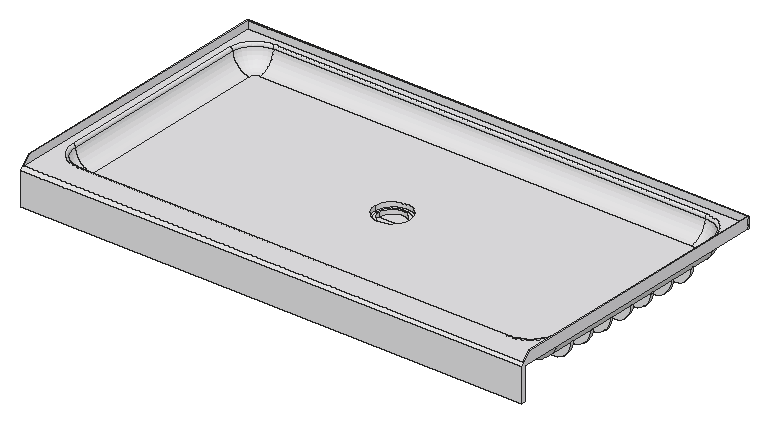
Revit family "Shower-Receptor-STERLING-Ensemble-72131100", category Plumbing Fixtures, host Face, Revit 2015
Parameters (values of type "0-White")
  Width = 34"  # constant formula
  Waste Water Outlet = "Waste Water Outlet"  # constant formula
  Waste Connection = yes
  Vent Connection = no
  URL = "https://www.sterlingplumbing.com/"
  Type = 1
  Product Page URL = "http://www.sterlingplumbing.com/detail?productNumber=72131100"
  Product Name = "Ensemble"  # constant formula
  Product Documentation Link = "https://resources.kohler.com/plumbing/sterling/pdf/72131100_spec.pdf"
  Panel Thickness = 0"
  Model = if(Type = 1, "72131100-0", if(Type = 2, "72131100-96", "0"))  # "72131100-0"
  Material = "Vikrell material"  # constant formula
  MasterFormat 2004 = "22.41.23"  # constant formula
  MasterFormat 1995 = "15410"  # constant formula
  Manufacturer Address = "444 Highland Dr, Kohler, WI 53044"  # constant formula
  Manufacturer = "Sterling"  # constant formula
  Length = 60"  # constant formula
  Hot Water Inlet = "Hot Water Inlet"  # constant formula
  Height = 5 5/32"  # constant formula
  HW Connection = no
  Finish = Kohler-Vikrell-0-White
  Environmental Product Declaration = ""
  Description = "Series 7213 60 inch x 34 inch Shower Receptor"  # constant formula
  Default Elevation = 0"
  Declare Label = ""
  Date Modified = "11/03/2017"  # constant formula
  Date Created = "11/03/2017"  # constant formula
  Copyright = "Copyright KOHLER Co."  # constant formula
  Contact Us = "https://www.sterlingplumbing.com/contact-us"
  Cold Water Inlet = "Cold Water Inlet"  # constant formula
  CW Connection = no
  Assembly Code = "D2010700"
  ADA Compliant = no
Types (3): name | Type | Model | Finish
  (no name) | 1 | "72131100-0" | Kohler-Vikrell-0-White
  0-White | 1 | "72131100-0" | Kohler-Vikrell-0-White
  96-Biscuit | 2 | "72131100-96" | Kohler-Vikrell-96-Biscuit
Reference planes (in)
  plane 1 "Center (Front/Back)": y = 0
  plane 2: z = 0
  plane 3 "Center (Left/Right)": x = 0
  plane 4: x = -29.99135
  plane 5: x = 30.00865
  plane 6: y = 15.87508
  plane 7: y = -18.12492
  plane 8: z = 5.15625
Dimensions and locks (in)
  "Height": plane 8 to level
  "Length": plane 4 to plane 5
  "Width": plane 6 to plane 7
  aligned and locked: plane 2 to host face
  aligned and locked: level to host face
Automatic sketch dimensions
  host sketch curve to host sketch curve = 96"  (x2)
Nested families (in)
  nested 1: "72131100" at (0, 0, -0.043), type "72131100"
Connectors (in)
  piping at (0.01387, 0, 0.59689), diameter 1.5, driven by "Waste Connection", driven by "Waste Water Outlet"
    settings: on nested 1, index 1, connector inside diameter 24", connector length 0", flow factor 0, pipe flow 0 GPM, pressure drop 0.00 psi, fitting loss kfactor 0, connector angle 0.00°, fixture units 0, engagement length 0", angle of deflection 0.00°, flow configuration 0, flow direction 2, fitting loss method 0, system type 16, joint type 0, gender type 0, connector reference index -1, connector utility 1, adjustable connector no, is connector primary yes, connector description "Waste Water Outlet"
Definition of nested family "72131100"
  Parameters (values of type "72131100")
    Finish = none
  Reference planes (in)
    plane 1 "Center (Front/Back)": y = 0
    plane 2: z = 0
    plane 3 "Center (Left/Right)": x = 0
    plane 4: y = 15.87508
    plane 5: y = -18.12492
    plane 6: x = 30.00865
    plane 7: x = -29.99135
  Forms (in)
    Sweep 1, solid, material <- "Finish"
      path origin (0, 0, 4.35474) x (-1, 0, 0) y (0, -1, 0)
        loop
          arc (28.92239, 11.58587) -> (27.97049, 13.88397) -> (25.67239, 14.83587) r 3.25
          line (25.67239, 14.83587) -> (-25.76949, 14.83587)
          arc (-25.76949, 14.83587) -> (-28.06759, 13.88397) -> (-29.01949, 11.58587) r 3.25
          line (-29.01949, 11.58587) -> (-29.01949, -11.67736)
          arc (-29.01949, -11.67736) -> (-28.06759, -13.97546) -> (-25.76949, -14.92736) r 3.25
          line (-25.76949, -14.92736) -> (25.92239, -14.92736)
          arc (25.92239, -14.92736) -> (28.04371, -14.04869) -> (28.92239, -11.92736) r 3
          line (28.92239, -11.92736) -> (28.92239, 11.58587)
      profile origin (-28.92239, 0.17075, 4.35474) x (-1, 0, 0) y (0, 0, 1)
        loop
          arc (-0.26608, -0.33489) -> (-0.88614, -1.73098) -> (-2.2576, -2.40376) r 2.2374
          line (-2.2576, -2.40376) -> (-2.2576, -3.06727)
          arc (-2.2576, -3.06727) -> (-0.66389, -2.43382) -> (0, -0.85254) r 2.21513
          line (0, -0.85254) -> (0, 0)
          arc (0, 0) -> (-0.20041, -0.11392) -> (-0.26608, -0.33489) r 0.3088
    Extrusion 2, solid, material <- "Finish"
      sketch origin (0, 0, 0) x (1, 0, 0) y (0, 1, 0)
        loop
          arc (-26.66479, -11.58587) -> (-26.37412, -12.2876) -> (-25.67239, -12.57827) r 0.9924
          line (-25.67239, -12.57827) -> (25.76949, -12.57827)
          arc (25.76949, -12.57827) -> (26.47122, -12.2876) -> (26.76189, -11.58587) r 0.9924
          line (26.76189, -11.58587) -> (26.76189, 11.67736)
          arc (26.76189, 11.67736) -> (26.47122, 12.3791) -> (25.76949, 12.66976) r 0.9924
          line (25.76949, 12.66976) -> (-25.92239, 12.66976)
          arc (-25.92239, 12.66976) -> (-26.44734, 12.45232) -> (-26.66479, 11.92736) r 0.7424
          line (-26.66479, 11.92736) -> (-26.66479, -11.58587)
      from 1.39644 to 1.95098
    Extrusion 3, solid, material <- "Finish"
      sketch origin (0, 0, 4.35474) x (-1, 0, 0) y (0, -1, 0)
        loop
          line (-29.83549, -15.87508) -> (29.82867, -15.87508)
          arc (29.82867, -15.87508) -> (29.9437, -15.82743) -> (29.99135, -15.7124) r 0.16268
          line (29.99135, -15.7124) -> (29.99135, 17.737) -> (-30.00865, 17.737) -> (-30.00865, -15.70192)
          arc (-30.00865, -15.70192) -> (-29.95794, -15.82436) -> (-29.83549, -15.87508) r 0.17316
        loop
          line (28.92239, -11.92736) -> (28.92239, 11.58587)
          arc (28.92239, 11.58587) -> (27.97049, 13.88397) -> (25.67239, 14.83587) r 3.25
          line (25.67239, 14.83587) -> (-25.76949, 14.83587)
          arc (-25.76949, 14.83587) -> (-28.06759, 13.88397) -> (-29.01949, 11.58587) r 3.25
          line (-29.01949, 11.58587) -> (-29.01949, -11.67736)
          arc (-29.01949, -11.67736) -> (-28.06759, -13.97546) -> (-25.76949, -14.92736) r 3.25
          line (-25.76949, -14.92736) -> (25.92239, -14.92736)
          arc (25.92239, -14.92736) -> (28.04371, -14.04869) -> (28.92239, -11.92736) r 3
      from -0.46315 to 0
    Sweep 4, solid, material <- "Finish"
      path origin (0, 0, 4.35474) x (-1, 0, 0) y (0, -1, 0)
        loop
          line (-30.00865, 17.737) -> (-30.00865, -15.70192)
          arc (-30.00865, -15.70192) -> (-29.95794, -15.82436) -> (-29.83549, -15.87508) r 0.17316
          line (-29.83549, -15.87508) -> (29.82867, -15.87508)
          arc (29.82867, -15.87508) -> (29.9437, -15.82743) -> (29.99135, -15.7124) r 0.16268
          line (29.99135, -15.7124) -> (29.99135, 17.737)
      profile origin (-29.99135, -1.0123, 4.35474) x (1, 0, 0) y (0, 0, 1)
        loop
          line (0, 0) -> (0.13866, 0) -> (0.13866, 0.84986) -> (0, 0.84986) -> (0, 0)
    Extrusion 5, solid, material <- "Finish"
      sketch origin (29.83549, 15.73643, 5.2046) x (-1, 0, 0) y (0, 0, -1)
        loop
          line (59.82684, 5.1616) -> (-0.17316, 5.1616) -> (-0.17316, 0) -> (59.82684, 0) -> (59.82684, 5.1616)
      from 33.47342 to 33.86134
    Extrusion 6, void
      sketch origin (30.00865, -17.737, 4.35474) x (0, -1, 0) y (0, 0, 1)
        loop
          line (0.38792, -0.38792) -> (0.38792, 0.84986) -> (-0.84986, 0.84986) -> (0.38792, -0.38792)
      from -2.90237 to 63.55511
    Extrusion 7, void
      sketch origin (0, 0, 4.35474) x (-1, 0, 0) y (0, -1, 0)
        loop
          circle (-0.01387, -0.04598) r 2.1406
      from -17.43119 to 12
    Revolve 8, solid, material <- "Finish"
      sketch origin (0, 0, 0) x (1, 0, 0) y (0, 0, 1)
        loop
          line (0.01387, 0.6399) -> (0.01387, 1.01995) -> (-1.56875, 1.01995) -> (-1.56875, 1.48312) -> (-1.91356, 1.48312) -> (-2.12674, 1.48312) -> (-2.12674, 0.6399) -> (0.01387, 0.6399)
        axis (0.01387, 0.6399) -> (0.01387, 1.48312)
      angle from 0 to 360
    Extrusion 9, solid, material <- "Finish"
      sketch origin (0, 8.98689, 0) x (1, 0, 0) y (0, 0, 1)
        loop
          arc (28.71934, 2.30302) -> (27.83656, 1.61923) -> (26.73327, 1.44718) r 2.23765
          line (26.73327, 1.44718) -> (-26.70553, 1.44718)
          arc (-26.70553, 1.44718) -> (-27.80883, 1.61923) -> (-28.69161, 2.30302) r 2.23765
          arc (-28.69161, 2.30302) -> (-28.13236, 0.79439) -> (-26.70963, 0.043) r 2.25405
          line (-26.70963, 0.043) -> (26.73736, 0.043)
          arc (26.73736, 0.043) -> (28.16678, 0.78852) -> (28.71934, 2.30302) r 2.22849
      from -0.09777 to 0.10259
    Extrusion 10, solid, material <- "Finish"
      sketch origin (23.98088, -2.90223, 0) x (0, -1, 0) y (0, 0, 1)
        loop
          line (8.98327, 1.44718) -> (-14.64303, 1.44718)
          arc (-14.64303, 1.44718) -> (-15.64536, 1.55056) -> (-16.60548, 1.85634) r 4.91072
          arc (-16.60548, 1.85634) -> (-15.98161, 0.56596) -> (-14.64713, 0.043) r 1.96415
          line (-14.64713, 0.043) -> (8.98736, 0.043)
          arc (8.98736, 0.043) -> (10.27949, 0.6991) -> (10.96212, 1.97741) r 2.41109
          arc (10.96212, 1.97741) -> (10.0076, 1.58203) -> (8.98327, 1.44718) r 3.95771
      from -0.09777 to 0.10259
    Extrusion 11, solid, material <- "Finish"
      sketch origin (0, 6.0441, 0) x (1, 0, 0) y (0, 0, 1)
        loop
          arc (28.71934, 2.30302) -> (27.83656, 1.61923) -> (26.73327, 1.44718) r 2.23765
          line (26.73327, 1.44718) -> (-26.70553, 1.44718)
          arc (-26.70553, 1.44718) -> (-27.80883, 1.61923) -> (-28.69161, 2.30302) r 2.23765
          arc (-28.69161, 2.30302) -> (-28.13236, 0.79439) -> (-26.70963, 0.043) r 2.25405
          line (-26.70963, 0.043) -> (26.73736, 0.043)
          arc (26.73736, 0.043) -> (28.16678, 0.78852) -> (28.71934, 2.30302) r 2.22849
      from -0.09777 to 0.10259
    Extrusion 12, solid, material <- "Finish"
      sketch origin (0, 2.97745, 0) x (1, 0, 0) y (0, 0, 1)
        loop
          arc (28.71934, 2.30302) -> (27.83656, 1.61923) -> (26.73327, 1.44718) r 2.23765
          line (26.73327, 1.44718) -> (-26.70553, 1.44718)
          arc (-26.70553, 1.44718) -> (-27.80883, 1.61923) -> (-28.69161, 2.30302) r 2.23765
          arc (-28.69161, 2.30302) -> (-28.13236, 0.79439) -> (-26.70963, 0.043) r 2.25405
          line (-26.70963, 0.043) -> (26.73736, 0.043)
          arc (26.73736, 0.043) -> (28.16678, 0.78852) -> (28.71934, 2.30302) r 2.22849
      from -0.09777 to 0.10259
    Extrusion 13, solid, material <- "Finish"
      sketch origin (0, 0, 0) x (1, 0, 0) y (0, 0, 1)
        loop
          arc (28.71934, 2.30302) -> (27.83656, 1.61923) -> (26.73327, 1.44718) r 2.23765
          line (26.73327, 1.44718) -> (-26.70553, 1.44718)
          arc (-26.70553, 1.44718) -> (-27.80883, 1.61923) -> (-28.69161, 2.30302) r 2.23765
          arc (-28.69161, 2.30302) -> (-28.13236, 0.79439) -> (-26.70963, 0.043) r 2.25405
          line (-26.70963, 0.043) -> (26.73736, 0.043)
          arc (26.73736, 0.043) -> (28.16678, 0.78852) -> (28.71934, 2.30302) r 2.22849
      from -0.09777 to 0.10259
    Extrusion 14, solid, material <- "Finish"
      sketch origin (0, -3.06026, 0) x (1, 0, 0) y (0, 0, 1)
        loop
          arc (28.71934, 2.30302) -> (27.83656, 1.61923) -> (26.73327, 1.44718) r 2.23765
          line (26.73327, 1.44718) -> (-26.70553, 1.44718)
          arc (-26.70553, 1.44718) -> (-27.80883, 1.61923) -> (-28.69161, 2.30302) r 2.23765
          arc (-28.69161, 2.30302) -> (-28.13236, 0.79439) -> (-26.70963, 0.043) r 2.25405
          line (-26.70963, 0.043) -> (26.73736, 0.043)
          arc (26.73736, 0.043) -> (28.16678, 0.78852) -> (28.71934, 2.30302) r 2.22849
      from -0.09777 to 0.10259
    Extrusion 15, solid, material <- "Finish"
      sketch origin (0, -6.00617, 0) x (1, 0, 0) y (0, 0, 1)
        loop
          arc (28.71934, 2.30302) -> (27.83656, 1.61923) -> (26.73327, 1.44718) r 2.23765
          line (26.73327, 1.44718) -> (-26.70553, 1.44718)
          arc (-26.70553, 1.44718) -> (-27.80883, 1.61923) -> (-28.69161, 2.30302) r 2.23765
          arc (-28.69161, 2.30302) -> (-28.13236, 0.79439) -> (-26.70963, 0.043) r 2.25405
          line (-26.70963, 0.043) -> (26.73736, 0.043)
          arc (26.73736, 0.043) -> (28.16678, 0.78852) -> (28.71934, 2.30302) r 2.22849
      from -0.09777 to 0.10259
    Extrusion 16, solid, material <- "Finish"
      sketch origin (0, -9.00025, 0) x (1, 0, 0) y (0, 0, 1)
        loop
          arc (28.71934, 2.30302) -> (27.83656, 1.61923) -> (26.73327, 1.44718) r 2.23765
          line (26.73327, 1.44718) -> (-26.70553, 1.44718)
          arc (-26.70553, 1.44718) -> (-27.80883, 1.61923) -> (-28.69161, 2.30302) r 2.23765
          arc (-28.69161, 2.30302) -> (-28.13236, 0.79439) -> (-26.70963, 0.043) r 2.25405
          line (-26.70963, 0.043) -> (26.73736, 0.043)
          arc (26.73736, 0.043) -> (28.16678, 0.78852) -> (28.71934, 2.30302) r 2.22849
      from -0.09777 to 0.10259
    Extrusion 17, solid, material <- "Finish"
      sketch origin (19.98088, -2.90223, 0) x (0, -1, 0) y (0, 0, 1)
        loop
          line (8.98327, 1.44718) -> (-14.64303, 1.44718)
          arc (-14.64303, 1.44718) -> (-15.64536, 1.55056) -> (-16.60548, 1.85634) r 4.91072
          arc (-16.60548, 1.85634) -> (-15.98161, 0.56596) -> (-14.64713, 0.043) r 1.96415
          line (-14.64713, 0.043) -> (8.98736, 0.043)
          arc (8.98736, 0.043) -> (10.27949, 0.6991) -> (10.96212, 1.97741) r 2.41109
          arc (10.96212, 1.97741) -> (10.0076, 1.58203) -> (8.98327, 1.44718) r 3.95771
      from -0.09777 to 0.10259
    Extrusion 18, solid, material <- "Finish"
      sketch origin (15.98088, -2.90223, 0) x (0, -1, 0) y (0, 0, 1)
        loop
          line (8.98327, 1.44718) -> (-14.64303, 1.44718)
          arc (-14.64303, 1.44718) -> (-15.64536, 1.55056) -> (-16.60548, 1.85634) r 4.91072
          arc (-16.60548, 1.85634) -> (-15.98161, 0.56596) -> (-14.64713, 0.043) r 1.96415
          line (-14.64713, 0.043) -> (8.98736, 0.043)
          arc (8.98736, 0.043) -> (10.27949, 0.6991) -> (10.96212, 1.97741) r 2.41109
          arc (10.96212, 1.97741) -> (10.0076, 1.58203) -> (8.98327, 1.44718) r 3.95771
      from -0.09777 to 0.10259
    Extrusion 19, solid, material <- "Finish"
      sketch origin (11.98088, -2.90223, 0) x (0, -1, 0) y (0, 0, 1)
        loop
          line (8.98327, 1.44718) -> (-14.64303, 1.44718)
          arc (-14.64303, 1.44718) -> (-15.64536, 1.55056) -> (-16.60548, 1.85634) r 4.91072
          arc (-16.60548, 1.85634) -> (-15.98161, 0.56596) -> (-14.64713, 0.043) r 1.96415
          line (-14.64713, 0.043) -> (8.98736, 0.043)
          arc (8.98736, 0.043) -> (10.27949, 0.6991) -> (10.96212, 1.97741) r 2.41109
          arc (10.96212, 1.97741) -> (10.0076, 1.58203) -> (8.98327, 1.44718) r 3.95771
      from -0.09777 to 0.10259
    Extrusion 20, solid, material <- "Finish"
      sketch origin (7.98088, -2.90223, 0) x (0, -1, 0) y (0, 0, 1)
        loop
          line (8.98327, 1.44718) -> (-14.64303, 1.44718)
          arc (-14.64303, 1.44718) -> (-15.64536, 1.55056) -> (-16.60548, 1.85634) r 4.91072
          arc (-16.60548, 1.85634) -> (-15.98161, 0.56596) -> (-14.64713, 0.043) r 1.96415
          line (-14.64713, 0.043) -> (8.98736, 0.043)
          arc (8.98736, 0.043) -> (10.27949, 0.6991) -> (10.96212, 1.97741) r 2.41109
          arc (10.96212, 1.97741) -> (10.0076, 1.58203) -> (8.98327, 1.44718) r 3.95771
      from -0.09777 to 0.10259
    Extrusion 21, solid, material <- "Finish"
      sketch origin (3.98088, -2.90223, 0) x (0, -1, 0) y (0, 0, 1)
        loop
          line (8.98327, 1.44718) -> (-14.64303, 1.44718)
          arc (-14.64303, 1.44718) -> (-15.64536, 1.55056) -> (-16.60548, 1.85634) r 4.91072
          arc (-16.60548, 1.85634) -> (-15.98161, 0.56596) -> (-14.64713, 0.043) r 1.96415
          line (-14.64713, 0.043) -> (8.98736, 0.043)
          arc (8.98736, 0.043) -> (10.27949, 0.6991) -> (10.96212, 1.97741) r 2.41109
          arc (10.96212, 1.97741) -> (10.0076, 1.58203) -> (8.98327, 1.44718) r 3.95771
      from -0.09777 to 0.10259
    Extrusion 22, solid, material <- "Finish"
      sketch origin (-0.01912, -2.90223, 0) x (0, -1, 0) y (0, 0, 1)
        loop
          line (8.98327, 1.44718) -> (-14.64303, 1.44718)
          arc (-14.64303, 1.44718) -> (-15.64536, 1.55056) -> (-16.60548, 1.85634) r 4.91072
          arc (-16.60548, 1.85634) -> (-15.98161, 0.56596) -> (-14.64713, 0.043) r 1.96415
          line (-14.64713, 0.043) -> (8.98736, 0.043)
          arc (8.98736, 0.043) -> (10.27949, 0.6991) -> (10.96212, 1.97741) r 2.41109
          arc (10.96212, 1.97741) -> (10.0076, 1.58203) -> (8.98327, 1.44718) r 3.95771
      from -0.09777 to 0.10259
    Extrusion 23, solid, material <- "Finish"
      sketch origin (-4.01912, -2.90223, 0) x (0, -1, 0) y (0, 0, 1)
        loop
          line (8.98327, 1.44718) -> (-14.64303, 1.44718)
          arc (-14.64303, 1.44718) -> (-15.64536, 1.55056) -> (-16.60548, 1.85634) r 4.91072
          arc (-16.60548, 1.85634) -> (-15.98161, 0.56596) -> (-14.64713, 0.043) r 1.96415
          line (-14.64713, 0.043) -> (8.98736, 0.043)
          arc (8.98736, 0.043) -> (10.27949, 0.6991) -> (10.96212, 1.97741) r 2.41109
          arc (10.96212, 1.97741) -> (10.0076, 1.58203) -> (8.98327, 1.44718) r 3.95771
      from -0.09777 to 0.10259
    Extrusion 24, solid, material <- "Finish"
      sketch origin (-8.01912, -2.90223, 0) x (0, -1, 0) y (0, 0, 1)
        loop
          line (8.98327, 1.44718) -> (-14.64303, 1.44718)
          arc (-14.64303, 1.44718) -> (-15.64536, 1.55056) -> (-16.60548, 1.85634) r 4.91072
          arc (-16.60548, 1.85634) -> (-15.98161, 0.56596) -> (-14.64713, 0.043) r 1.96415
          line (-14.64713, 0.043) -> (8.98736, 0.043)
          arc (8.98736, 0.043) -> (10.27949, 0.6991) -> (10.96212, 1.97741) r 2.41109
          arc (10.96212, 1.97741) -> (10.0076, 1.58203) -> (8.98327, 1.44718) r 3.95771
      from -0.09777 to 0.10259
    Extrusion 25, solid, material <- "Finish"
      sketch origin (-12.01912, -2.90223, 0) x (0, -1, 0) y (0, 0, 1)
        loop
          line (8.98327, 1.44718) -> (-14.64303, 1.44718)
          arc (-14.64303, 1.44718) -> (-15.64536, 1.55056) -> (-16.60548, 1.85634) r 4.91072
          arc (-16.60548, 1.85634) -> (-15.98161, 0.56596) -> (-14.64713, 0.043) r 1.96415
          line (-14.64713, 0.043) -> (8.98736, 0.043)
          arc (8.98736, 0.043) -> (10.27949, 0.6991) -> (10.96212, 1.97741) r 2.41109
          arc (10.96212, 1.97741) -> (10.0076, 1.58203) -> (8.98327, 1.44718) r 3.95771
      from -0.09777 to 0.10259
    Extrusion 26, solid, material <- "Finish"
      sketch origin (-16.01912, -2.90223, 0) x (0, -1, 0) y (0, 0, 1)
        loop
          line (8.98327, 1.44718) -> (-14.64303, 1.44718)
          arc (-14.64303, 1.44718) -> (-15.64536, 1.55056) -> (-16.60548, 1.85634) r 4.91072
          arc (-16.60548, 1.85634) -> (-15.98161, 0.56596) -> (-14.64713, 0.043) r 1.96415
          line (-14.64713, 0.043) -> (8.98736, 0.043)
          arc (8.98736, 0.043) -> (10.27949, 0.6991) -> (10.96212, 1.97741) r 2.41109
          arc (10.96212, 1.97741) -> (10.0076, 1.58203) -> (8.98327, 1.44718) r 3.95771
      from -0.09777 to 0.10259
    Extrusion 27, solid, material <- "Finish"
      sketch origin (-20.01912, -2.90223, 0) x (0, -1, 0) y (0, 0, 1)
        loop
          line (8.98327, 1.44718) -> (-14.64303, 1.44718)
          arc (-14.64303, 1.44718) -> (-15.64536, 1.55056) -> (-16.60548, 1.85634) r 4.91072
          arc (-16.60548, 1.85634) -> (-15.98161, 0.56596) -> (-14.64713, 0.043) r 1.96415
          line (-14.64713, 0.043) -> (8.98736, 0.043)
          arc (8.98736, 0.043) -> (10.27949, 0.6991) -> (10.96212, 1.97741) r 2.41109
          arc (10.96212, 1.97741) -> (10.0076, 1.58203) -> (8.98327, 1.44718) r 3.95771
      from -0.09777 to 0.10259
    Extrusion 28, solid, material <- "Finish"
      sketch origin (-23.99116, -2.90223, 0) x (0, -1, 0) y (0, 0, 1)
        loop
          line (8.98327, 1.44718) -> (-14.64303, 1.44718)
          arc (-14.64303, 1.44718) -> (-15.64536, 1.55056) -> (-16.60548, 1.85634) r 4.91072
          arc (-16.60548, 1.85634) -> (-15.98161, 0.56596) -> (-14.64713, 0.043) r 1.96415
          line (-14.64713, 0.043) -> (8.98736, 0.043)
          arc (8.98736, 0.043) -> (10.27949, 0.6991) -> (10.96212, 1.97741) r 2.41109
          arc (10.96212, 1.97741) -> (10.0076, 1.58203) -> (8.98327, 1.44718) r 3.95771
      from -0.09777 to 0.10259
  Cuts and joins
    Extrusion 7 cuts Extrusion 2
    Extrusion 6 cuts Sweep 4
    Extrusion 6 cuts Extrusion 5
    joined: Sweep 1, Extrusion 2, Extrusion 3, Sweep 4, Extrusion 5
    Extrusion 7 cuts Extrusion 13
    Extrusion 7 cuts Extrusion 22
  Lines and regions (in)
    Masking region 1
      outline origin (0, 0, 4.35474) x (-1, 0, 0) y (0, -1, 0)
        loop
          line (29.99135, -15.7124) -> (29.99135, 18.12492) -> (-30.00865, 18.12492) -> (-30.00865, -15.70192)
          arc (-30.00865, -15.70192) -> (-29.95794, -15.82436) -> (-29.83549, -15.87508) r 0.17316
          line (-29.83549, -15.87508) -> (29.82867, -15.87508)
          arc (29.82867, -15.87508) -> (29.9437, -15.82743) -> (29.99135, -15.7124) r 0.16268
    Masking region 2
      outline origin (0, 0, 0) x (0, 1, 0) y (0, 0, 1)
        loop
          line (-18.12492, 3.96682) -> (-18.12492, 0.043) -> (-17.737, 0.043) -> (-17.737, 3.89159) -> (-14.83587, 3.89159)
          arc (-14.83587, 3.89159) -> (-14.6318, 2.67836) -> (-13.82676, 1.74804) r 2.27865
          arc (-13.82676, 1.74804) -> (-13.12565, 0.59163) -> (-11.88959, 0.043) r 2.25873
          line (-11.88959, 0.043) -> (11.74489, 0.043)
          arc (11.74489, 0.043) -> (12.956, 0.47024) -> (13.63097, 1.56281) r 1.93021
          arc (13.63097, 1.56281) -> (14.57805, 2.3531) -> (14.93289, 3.53445) r 2.1439
          line (14.93289, 3.53445) -> (14.93289, 3.89159) -> (15.87508, 3.89159) -> (15.87508, 5.2046) -> (-16.88714, 5.2046) -> (-18.12492, 3.96682)
    Masking region 3
      outline origin (0, 0, 0) x (1, 0, 0) y (0, 0, 1)
        loop
          line (30.00865, 5.2046) -> (-29.99135, 5.2046) -> (-29.99135, 0.043) -> (30.00865, 0.043) -> (30.00865, 5.2046)
    symbolic lines, detail levels medium+fine
      curve 1: line (-29.85269, -17.737, 4.35474) -> (-29.85269, 15.7124, 4.35474)
      curve 2: arc (-29.82867, 15.73643, 4.35474) -> (-29.84565, 15.72939, 4.35474) -> (-29.85269, 15.7124, 4.35474) r 0.02402
      curve 3: line (-29.82867, 15.73643, 4.35474) -> (29.83549, 15.73643, 4.35474)
      curve 4: arc (29.87, 15.70192, 4.35474) -> (29.85989, 15.72632, 4.35474) -> (29.83549, 15.73643, 4.35474) r 0.0345
      curve 5: line (29.87, 15.70192, 4.35474) -> (29.87, -17.737, 4.35474)
      curve 6: line (30.00865, -17.737, 4.35474) -> (-29.99135, -17.737, 4.35474)
      curve 7: arc (-25.67239, -14.83587, 4.35474) -> (-27.97049, -13.88397, 4.35474) -> (-28.92239, -11.58587, 4.35474) r 3.25
      curve 8: line (-25.67239, -14.83587, 4.35474) -> (25.76949, -14.83587, 4.35474)
      curve 9: line (-28.92239, 11.92736, 4.35474) -> (-28.92239, -11.58587, 4.35474)
      curve 10: arc (-28.92239, 11.92736, 4.35474) -> (-28.04371, 14.04869, 4.35474) -> (-25.92239, 14.92736, 4.35474) r 3
      curve 11: line (25.76949, 14.92736, 4.35474) -> (-25.92239, 14.92736, 4.35474)
      curve 12: arc (25.76949, 14.92736, 4.35474) -> (28.06759, 13.97546, 4.35474) -> (29.01949, 11.67736, 4.35474) r 3.25
      curve 13: line (29.01949, -11.58587, 4.35474) -> (29.01949, 11.67736, 4.35474)
      curve 14: arc (29.01949, -11.58587, 4.35474) -> (28.06759, -13.88397, 4.35474) -> (25.76949, -14.83587, 4.35474) r 3.25
      curve 15: arc (25.76949, -12.57827, 4.35474) -> (26.47122, -12.2876, 4.35474) -> (26.76189, -11.58587, 4.35474) r 0.9924
      curve 16: line (26.76189, -11.58587, 4.35474) -> (26.76189, 11.66976, 4.35474)
      curve 17: line (-25.67239, -12.57827, 4.35474) -> (25.76949, -12.57827, 4.35474)
      curve 18: arc (-26.66479, -11.58587, 4.35474) -> (-26.37412, -12.2876, 4.35474) -> (-25.67239, -12.57827, 4.35474) r 0.9924
      curve 19: line (-26.66479, 11.92736, 4.35474) -> (-26.66479, -11.58587, 4.35474)
      curve 20: arc (-25.92239, 12.66976, 4.35474) -> (-26.44734, 12.45232, 4.35474) -> (-26.66479, 11.92736, 4.35474) r 0.7424
      curve 21: line (25.76189, 12.66976, 4.35474) -> (-25.92239, 12.66976, 4.35474)
      curve 22: arc (2.15447, 0.04598, 4.35474) -> (0.01387, 2.18658, 4.35474) -> (-2.12674, 0.04598, 4.35474) r 2.1406
      curve 23: arc (-2.12674, 0.04598, 4.35474) -> (0.01387, -2.09462, 4.35474) -> (2.15447, 0.04598, 4.35474) r 2.1406
      curve 24: arc (1.59648, 0, 4.35474) -> (0.01387, -1.58262, 4.35474) -> (-1.56875, 0, 4.35474) r 1.58262
      curve 25: arc (-1.56875, 0, 4.35474) -> (0.01387, 1.58262, 4.35474) -> (1.59648, 0, 4.35474) r 1.58262
      curve 26: arc (25.76189, 12.66976, 4.35474) -> (26.469, 12.37687, 4.35474) -> (26.76189, 11.66976, 4.35474) r 1
      curve 27: line (0, -14.83587, 3.89159) -> (0, 14.93289, 3.89159)
      curve 28: line (0, -12.62065, 1.39644) -> (0, -9.10284, 1.39644)
      curve 29: arc (0, -13.82676, 1.74804) -> (0, -13.24881, 1.48613) -> (0, -12.62065, 1.39644) r 2.24447
      curve 30: arc (0, 13.63097, 1.56281) -> (0, 13.17903, 1.43837) -> (0, 12.71215, 1.39644) r 2.62042
      curve 31: line (0, -9.10284, 2.30302) -> (0, -9.10284, 0.043)
      curve 32: line (0, -8.90248, 0.043) -> (0, -8.90248, 2.30302)
      curve 33: line (0, -8.90248, 2.30302) -> (0, -9.10284, 2.30302)
      curve 34: line (0, -8.90248, 1.39644) -> (0, -6.10876, 1.39644)
      curve 35: line (0, -6.10876, 2.30302) -> (0, -6.10876, 0.043)
      curve 36: line (0, -5.9084, 0.043) -> (0, -5.9084, 2.30302)
      curve 37: line (0, -5.9084, 2.30302) -> (0, -6.10876, 2.30302)
      curve 38: line (0, -3.16285, 2.30302) -> (0, -3.16285, 0.043)
      curve 39: line (0, -2.96249, 0.043) -> (0, -2.96249, 2.30302)
      curve 40: line (0, -2.96249, 2.30302) -> (0, -3.16285, 2.30302)
      curve 41: line (0, -0.10259, 2.30302) -> (0, -0.10259, 0.043)
      curve 42: line (0, 0.09777, 0.043) -> (0, 0.09777, 2.30302)
      curve 43: line (0, 0.09777, 2.30302) -> (0, -0.10259, 2.30302)
      curve 44: line (0, 2.87486, 2.30302) -> (0, 2.87486, 0.043)
      curve 45: line (0, 3.07522, 0.043) -> (0, 3.07522, 2.30302)
      curve 46: line (0, 3.07522, 2.30302) -> (0, 2.87486, 2.30302)
      curve 47: line (0, 5.94151, 2.30302) -> (0, 5.94151, 0.043)
      curve 48: line (0, 6.14187, 0.043) -> (0, 6.14187, 2.30302)
      curve 49: line (0, 6.14187, 2.30302) -> (0, 5.94151, 2.30302)
      curve 50: line (0, 8.8843, 2.30302) -> (0, 8.8843, 0.043)
      curve 51: line (0, 9.08466, 0.043) -> (0, 9.08466, 2.30302)
      curve 52: line (0, 9.08466, 2.30302) -> (0, 8.8843, 2.30302)
      curve 53: line (0, -5.9084, 1.39644) -> (0, -3.16285, 1.39644)
      curve 54: line (0, -2.96249, 1.39644) -> (0, -0.10259, 1.39644)
      curve 55: line (0, 0.09777, 1.39644) -> (0, 2.87486, 1.39644)
      curve 56: line (0, 3.07522, 1.39644) -> (0, 5.94151, 1.39644)
      curve 57: line (0, 6.14187, 1.39644) -> (0, 8.8843, 1.39644)
      curve 58: line (0, 9.08466, 1.39644) -> (0, 12.71215, 1.39644)
      curve 59: line (30.00865, 0, 3.89159) -> (28.98804, 0, 3.89159)
      curve 60: line (-28.98144, 0, 3.89159) -> (-29.99135, 0, 3.89159)
      curve 61: line (28.98804, 0, 3.89159) -> (-28.98144, 0, 3.89159)
      curve 62: arc (-28.98144, 0, 3.89159) -> (-28.50943, 0, 2.0437) -> (-26.75854, 0, 1.28747) r 2.16331
      curve 63: line (-26.75854, 0, 1.28747) -> (-24.09375, 0, 1.28747)
      curve 64: arc (28.98804, 0, 3.89159) -> (28.51602, 0, 2.0437) -> (26.76513, 0, 1.28747) r 2.16331
      curve 65: arc (26.73736, 0, 0.043) -> (28.16678, 0, 0.78852) -> (28.71934, 0, 2.30302) r 2.22849
      curve 66: arc (-28.69161, 0, 2.30302) -> (-28.13236, 0, 0.79439) -> (-26.70963, 0, 0.043) r 2.25405
      curve 67: line (-24.09375, 0, 1.97741) -> (-24.09375, 0, 0.043)
      curve 68: line (-23.89339, 0, 0.043) -> (-23.89339, 0, 1.97741)
      curve 69: line (-23.89339, 0, 1.97741) -> (-24.09375, 0, 1.97741)
      curve 70: line (-20.1217, 0, 1.97741) -> (-20.1217, 0, 0.043)
      curve 71: line (-19.92135, 0, 0.043) -> (-19.92135, 0, 1.97741)
      curve 72: line (-19.92135, 0, 1.97741) -> (-20.1217, 0, 1.97741)
      curve 73: line (-16.1217, 0, 1.97741) -> (-16.1217, 0, 0.043)
      curve 74: line (-15.92135, 0, 0.043) -> (-15.92135, 0, 1.97741)
      curve 75: line (-15.92135, 0, 1.97741) -> (-16.1217, 0, 1.97741)
      curve 76: line (-12.1217, 0, 1.97741) -> (-12.1217, 0, 0.043)
      curve 77: line (-11.92135, 0, 0.043) -> (-11.92135, 0, 1.97741)
      curve 78: line (-11.92135, 0, 1.97741) -> (-12.1217, 0, 1.97741)
      curve 79: line (-8.1217, 0, 1.97741) -> (-8.1217, 0, 0.043)
      curve 80: line (-7.92135, 0, 0.043) -> (-7.92135, 0, 1.97741)
      curve 81: line (-7.92135, 0, 1.97741) -> (-8.1217, 0, 1.97741)
      curve 82: line (-4.1217, 0, 1.97741) -> (-4.1217, 0, 0.043)
      curve 83: line (-3.92135, 0, 0.043) -> (-3.92135, 0, 1.97741)
      curve 84: line (-3.92135, 0, 1.97741) -> (-4.1217, 0, 1.97741)
      curve 85: line (-0.1217, 0, 1.97741) -> (-0.1217, 0, 0.043)
      curve 86: line (0.07865, 0, 0.043) -> (0.07865, 0, 1.97741)
      curve 87: line (0.07865, 0, 1.97741) -> (-0.1217, 0, 1.97741)
      curve 88: line (3.8783, 0, 1.97741) -> (3.8783, 0, 0.043)
      curve 89: line (4.07865, 0, 0.043) -> (4.07865, 0, 1.97741)
      curve 90: line (4.07865, 0, 1.97741) -> (3.8783, 0, 1.97741)
      curve 91: line (7.8783, 0, 1.97741) -> (7.8783, 0, 0.043)
      curve 92: line (8.07865, 0, 0.043) -> (8.07865, 0, 1.97741)
      curve 93: line (8.07865, 0, 1.97741) -> (7.8783, 0, 1.97741)
      curve 94: line (11.8783, 0, 1.97741) -> (11.8783, 0, 0.043)
      curve 95: line (12.07865, 0, 0.043) -> (12.07865, 0, 1.97741)
      curve 96: line (12.07865, 0, 1.97741) -> (11.8783, 0, 1.97741)
      curve 97: line (15.8783, 0, 1.97741) -> (15.8783, 0, 0.043)
      curve 98: line (16.07865, 0, 0.043) -> (16.07865, 0, 1.97741)
      curve 99: line (16.07865, 0, 1.97741) -> (15.8783, 0, 1.97741)
      curve 100: line (19.8783, 0, 1.97741) -> (19.8783, 0, 0.043)
      curve 101: line (20.07865, 0, 0.043) -> (20.07865, 0, 1.97741)
      curve 102: line (20.07865, 0, 1.97741) -> (19.8783, 0, 1.97741)
      curve 103: line (23.8783, 0, 1.97741) -> (23.8783, 0, 0.043)
      curve 104: line (24.07865, 0, 0.043) -> (24.07865, 0, 1.97741)
      curve 105: line (24.07865, 0, 1.97741) -> (23.8783, 0, 1.97741)
      curve 106: line (-23.89339, 0, 1.28747) -> (-20.1217, 0, 1.28747)
      curve 107: line (-19.92135, 0, 1.28747) -> (-16.1217, 0, 1.28747)
      curve 108: line (-15.92135, 0, 1.28747) -> (-12.1217, 0, 1.28747)
      curve 109: line (-11.92135, 0, 1.28747) -> (-8.1217, 0, 1.28747)
      curve 110: line (-7.92135, 0, 1.28747) -> (-4.1217, 0, 1.28747)
      curve 111: line (-3.92135, 0, 1.28747) -> (-0.1217, 0, 1.28747)
      curve 112: line (0.07865, 0, 1.28747) -> (3.8783, 0, 1.28747)
      curve 113: line (4.07865, 0, 1.28747) -> (7.8783, 0, 1.28747)
      curve 114: line (8.07865, 0, 1.28747) -> (11.8783, 0, 1.28747)
      curve 115: line (12.07865, 0, 1.28747) -> (15.8783, 0, 1.28747)
      curve 116: line (16.07865, 0, 1.28747) -> (19.8783, 0, 1.28747)
      curve 117: line (20.07865, 0, 1.28747) -> (23.8783, 0, 1.28747)
      curve 118: line (24.07865, 0, 1.28747) -> (26.76513, 0, 1.28747)
  Dimensions and locks (in)
    aligned and locked: plane 2 to level
